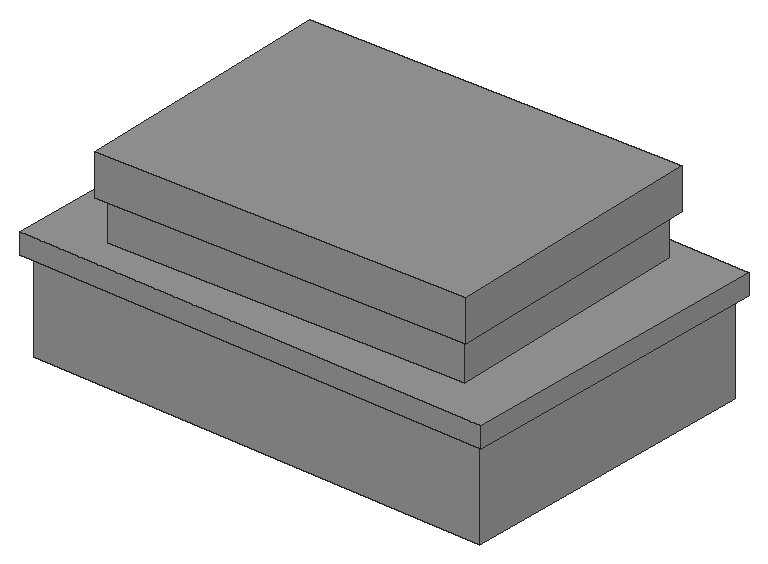
Revit family "box", category Generic Models, Revit 2018
Family settings
  Can host rebar = No
  Round Connector Dimension = Use Diameter
  Part Type = Normal
  Work Plane-Based = No
  Always vertical = Yes
  Cut with Voids When Loaded = No
  Shared = No
  Room Calculation Point = No
Parameters
  scale [instance] = 1
  box2 [instance] = box2
  box1 [instance] = box1
Reference planes (m)
  plane 1 "Center (Front/Back)": y = 0
  plane 2: z = 0
  plane 3 "Center (Left/Right)": x = 0
Forms (m)
  Extrusion 1, solid, material "box2"
    sketch origin (0, 0, 0) x (1, 0, 0) y (0, 1, 0)
      loop
        line (-0.220998, 0.199254) -> (-0.231962, -0.114697) -> (0.231898, -0.130895) -> (0.242861, 0.183056) -> (-0.220998, 0.199254)
    from 0.09196 to 0.11196
  Extrusion 2, solid, material "box2"
    sketch origin (0, 0, 0) x (1, 0, 0) y (0, 1, 0)
      loop
        line (0.235548, 0.176236) -> (-0.214178, 0.19194) -> (-0.224648, -0.107877) -> (0.225078, -0.123582) -> (0.235548, 0.176236)
    from 0.00196 to 0.09196
  Extrusion 3, solid, material "box1"
    sketch origin (0, 0, 0.26) x (1, 0, 0) y (0, 1, 0)
      loop
        line (-0.176621, -0.093255) -> (0.187521, -0.093255) -> (0.187521, 0.170887) -> (-0.176621, 0.170887) -> (-0.176621, -0.093255)
    from -0.10804 to -0.06804
  Extrusion 4, solid, material "box1"
    sketch origin (0, 0, 0.26) x (1, 0, 0) y (0, 1, 0)
      loop
        line (-0.16955, 0.163816) -> (-0.16955, -0.086184) -> (0.18045, -0.086184) -> (0.18045, 0.163816) -> (-0.16955, 0.163816)
    from -0.14804 to -0.10804
Dimensions and locks (m)
  aligned and locked: level to plane 2
